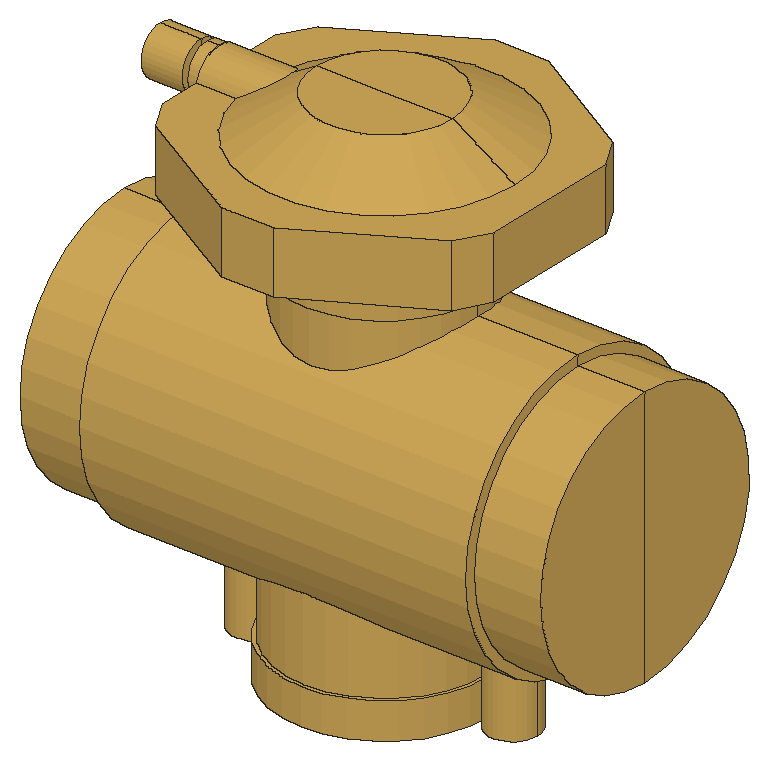
Revit family "Differenzdruckregler 4002 FIX 23kPa", category Rohrzubehör, Revit 2019
Family settings
  Bemaßung runder Anschluss = Durchmesser verwenden
  Teiletyp = Unterbricht
  OmniClass-Nummer = 23.65.55.14
  OmniClass-Titel = Valves for Liquid Services
  Arbeitsebenenbasiert = Nein
  Immer vertikal = Ja
  Beim Laden mit Abzugskörper schneiden = Nein
  Gemeinsam genutzt = Nein
Parameters (values of type "Ohne Dämmung")
  y2 [instance] = K14 + K9 + H01  # 72.649 mm
  y1 [instance] = (R03 * 2) + R05  # 140.000 mm
  Min. Betriebstemperatur (Frostschutz) = -20 °C  # constant formula
  Max. zulässige Betriebstemperatur bis DN32 = 130 °C  # constant formula
  Max. zulässige Betriebstemperatur DN40 - DN50 = 110 °C  # constant formula
  Max. Differenzdruck am Gehäuse = 400000.0 Pa  # constant formula
  Max. Betriebsdruck = 1600000.0 Pa  # constant formula
  Ventilschaft = "Edelstahl 14301"  # constant formula
  VRL01 [instance] = 30.000 mm  # constant formula
  V12 = 17.000 mm  # constant formula
  V10 = 16.000 mm  # constant formula
  V09 [instance] = 11.000 mm  # constant formula
  V08 [instance] = G01 + 3.000 mm  # 38.000 mm
  V03 [instance] = G01 + 5.000 mm  # 40.000 mm
  V02 [instance] = V01 + 4.500 mm  # 29.500 mm
  V01 [instance] = Nennweite / 2  # 25.000 mm
  URL = "www.herz-armaturen.at"
  SCRNSEQ = "ARM;ARM_TYP=\"DIFR\";2"
  SCRNCODE = "05;03;4"  # constant formula
  S07 = 10.000 mm  # constant formula
  S05 [instance] = S01 - 1.000 mm  # 25.000 mm
  S04 [instance] = S02 - 1.000 mm  # 27.000 mm
  S03 [instance] = size_lookup("4002_FIX_23kPa", "S03", 26.500 mm, Nennweite)  # 37.700 mm
  S02 [instance] = size_lookup("4002_FIX_23kPa", "S02", 19.000 mm, Nennweite)  # 28.000 mm
  S01 [instance] = size_lookup("4002_FIX_23kPa", "S01", 14.850 mm, Nennweite)  # 26.000 mm
  Regleranschlussmutter = "Messing CW614N"  # constant formula
  Regelbereich = "FIX 23kPa"  # constant formula
  R06 [instance] = size_lookup("4002_FIX_23kPa", "R06", 14.500 mm, Nennweite)  # 14.500 mm
  R05 [instance] = size_lookup("4002_FIX_23kPa", "R05", 41.000 mm, Nennweite)  # 104.000 mm
  R04 [instance] = size_lookup("4002_FIX_23kPa", "R04", 12.500 mm, Nennweite)  # 14.500 mm
  R03 [instance] = size_lookup("4002_FIX_23kPa", "R03", 8.000 mm, Nennweite)  # 18.000 mm
  R02 = 14.500 mm  # constant formula
  R01 [instance] = size_lookup("4002_FIX_23kPa", "R01", 11.500 mm, Nennweite)  # 37.600 mm
  Min. Betriebstemperatur (reines Wasser) = 2 °C  # constant formula
  O-Ringe = "EPDM"  # constant formula
  Nennweite [instance] = 50.000 mm
  Membrangehäuse = "Messing CW602N"  # constant formula
  Membrane = "EPDM"  # constant formula
  Medium = "Wasserbeschaffenheit nach ÖNORM H 5195 und VDI 2035\r\nDie Verwendung von Ethylen- und Propylenglykol ist im\r\nMischungsverhältnis 25 - 50 Vol.-% zulässig."
  L07 [instance] = size_lookup("4002_FIX_23kPa", "L07", 33.000 mm, Nennweite)  # 70.000 mm
  L06 = 7.000 mm  # constant formula
  L [instance] = size_lookup("4002_FIX_23kPa", "L", 66.000 mm, Nennweite)  # 140.000 mm
  K9 = 4.000 mm  # constant formula
  K8 = 55.000 mm  # constant formula
  K7 = 8.700 mm  # constant formula
  K6 = 11.700 mm  # constant formula
  K5 = 13.000 mm  # constant formula
  K4 = 12.000 mm  # constant formula
  K3 = 15.000 mm  # constant formula
  K2 = 2.350 mm  # constant formula
  K18 = 89.000 mm  # constant formula
  K17 = 66.700 mm  # constant formula
  K16 = 3.000 mm  # constant formula
  K15 = 26.649 mm  # constant formula
  K14 = 16.649 mm  # constant formula
  K13 = 16.649 mm  # constant formula
  K12 = 10.000 mm  # constant formula
  K11 = 35.000 mm  # constant formula
  K10 = 18.250 mm  # constant formula
  K1.1 = 2.350 mm  # constant formula
  K1 = 7.651 mm - 1.000 mm  # 6.651 mm
  J9 = 15.700 mm  # constant formula
  J8 = 7.850 mm  # constant formula
  J7 = 15.897 mm  # constant formula
  J6 = 3.900 mm  # constant formula
  J5 = 6.500 mm  # constant formula
  J4 = 1.500 mm  # constant formula
  J3 = 3.200 mm  # constant formula
  J2 = 11.000 mm  # constant formula
  J11 = 3.500 mm  # constant formula
  J10 = 18.897 mm  # constant formula
  J1 = 6.500 mm  # constant formula
  Hersteller = "HERZ-Armaturen Ges.m.b.H"  # constant formula
  H2 [instance] = size_lookup("4002_FIX_23kPa", "H2", 28.000 mm, Nennweite)  # 58.000 mm
  H1 [instance] = K1 + K2 + K3 + K4 + K5 + K7 + K8 + K16 + 16.650 mm  # 132.351 mm
  H04 = 4.000 mm  # constant formula
  H03 = 9.800 mm  # constant formula
  H02 [instance] = size_lookup("4002_FIX_23kPa", "H02", 53.000 mm, Nennweite)  # 107.000 mm
  H01 [instance] = size_lookup("4002_FIX_23kPa", "H01", 25.000 mm, Nennweite)  # 52.000 mm
  Gehäuse = "DZR Messing CC770S"  # constant formula
  G01 [instance] = size_lookup("4002_FIX_23kPa", "G01", 13.220 mm, Nennweite)  # 35.000 mm
  Hinweise zum Material = "Gemäß Art 33 der REACH-Verordnung (EG Nr. 1907/2006) sind wir verpflichtet, darauf hinzuweisen,\r\ndass der Stoff Blei auf der SVHC-Liste geführt wird und dass alle aus Messing bestehenden Bauteile,\r\ndie in unseren Erzeugnissen verarbeitet sind, mehr als 0,1 % (w/w) Blei (CAS: 7439-92-1 / EINECS:\r\n231-100-4) enthalten. Da Blei als Legierungsbestandteil fest gebunden ist, sind keine Expositionen zu\r\nerwarten und daher sind keine zusätzlichen Angaben zur sicheren Verwendung notwendig.\r\n\r\nIm Hanf enthaltenes Ammoniak schädigt\r\nMessingventilgehäuse, EPDM Dichtungen werden durch\r\nMineralöle bzw. mineralölhaltige Schmierstoffe aufgequollen\r\nund führen somit zum Ausfall der EPDM-Dichtungen. Für\r\nFrost- und Korrosionsschutzmittel auf der Basis von Ethylen- und Propylenglykol sind die entsprechenden\r\nAngaben den Unterlagen des Herstellers zu entnehmen."
  Dämmung = no
  Dämmschale = "EPP (expandiertes Polypropylen)"  # constant formula
  Druckfeder = "Federstahl, rost-und säurebeständig"  # constant formula
  DN50 [instance] = Nennweite = 50.000 mm  # yes
  DN40 [instance] = Nennweite = 40.000 mm  # no
  DN32-40 [instance] = or(Nennweite = 32.000 mm, Nennweite = 40.000 mm)  # no
  DN32 [instance] = Nennweite = 32.000 mm  # no
  DN25 [instance] = Nennweite = 25.000 mm  # no
  DN20 [instance] = Nennweite = 20.000 mm  # no
  DN15-25 [instance] = or(Nennweite = 15.000 mm, Nennweite = 20.000 mm, Nennweite = 25.000 mm)  # no
  DN15,20,25,32,50 [instance] = or(Nennweite = 15.000 mm, Nennweite = 20.000 mm, Nennweite = 25.000 mm, Nennweite = 32.000 mm, Nennweite = 50.000 mm)  # yes
  DN15 [instance] = Nennweite = 15.000 mm  # no
  D07 [instance] = if(Nennweite = 15.000 mm, 32.000 mm, if(Nennweite = 20.000 mm, 33.000 mm, if(Nennweite = 25.000 mm, 33.000 mm, if(Nennweite = 32.000 mm, 49.000 mm, if(Nennweite = 40.000 mm, 57.560 mm, if(Nennweite = 50.000 mm, 57.560 mm, 0.000 mm))))))  # 57.560 mm
  D06 [instance] = if(Nennweite = 15.000 mm, 32.000 mm, if(Nennweite = 20.000 mm, 33.000 mm, if(Nennweite = 25.000 mm, 33.000 mm, if(Nennweite = 32.000 mm, 49.000 mm, if(Nennweite = 40.000 mm, 57.560 mm, if(Nennweite = 50.000 mm, 57.560 mm, 0.000 mm))))))  # 57.560 mm
  D05 [instance] = if(Nennweite = 15.000 mm, 36.750 mm, if(Nennweite = 20.000 mm, 40.700 mm, if(Nennweite = 25.000 mm, 49.200 mm, if(Nennweite = 32.000 mm, 54.150 mm, if(Nennweite = 40.000 mm, 60.750 mm, if(Nennweite = 50.000 mm, 72.700 mm, 0.000 mm))))))  # 72.700 mm
  D04 [instance] = if(Nennweite = 15.000 mm, 78.500 mm, if(Nennweite = 20.000 mm, 82.000 mm, if(Nennweite = 25.000 mm, 84.000 mm, if(Nennweite = 32.000 mm, 120.000 mm, if(Nennweite = 40.000 mm, 130.000 mm, if(Nennweite = 50.000 mm, 130.500 mm, 0.000 mm))))))  # 130.500 mm
  D03 [instance] = if(Nennweite = 15.000 mm, 96.000 mm, if(Nennweite = 20.000 mm, 110.000 mm, if(Nennweite = 25.000 mm, 112.000 mm, if(Nennweite = 32.000 mm, 152.000 mm, if(Nennweite = 40.000 mm, 170.000 mm, if(Nennweite = 50.000 mm, 179.000 mm, 0.000 mm))))))  # 179.000 mm
  D02 [instance] = size_lookup("4002_FIX_23kPa", "R05", 41.000 mm, Nennweite)  # 104.000 mm
  D01 [instance] = size_lookup("4002_FIX_23kPa", "G01", 13.220 mm, Nennweite)  # 35.000 mm
  Bestellnummer Dämmung [instance] = if(and(Dämmung, Nennweite = 15.000 mm), 1409611, if(and(Dämmung, Nennweite = 20.000 mm), 1409612, if(and(Dämmung, Nennweite = 25.000 mm), 1409613, if(and(Dämmung, Nennweite = 32.000 mm), 1409614, if(and(Dämmung, Nennweite = 40.000 mm), 1409615, if(and(Dämmung, Nennweite = 50.000 mm), 1409616, 0))))))  # 0
  Bestellnummer [instance] = size_lookup("4002_FIX_23kPa", "Artnr", 0, Nennweite)  # 1400226
  B2 [instance] = size_lookup("4002_FIX_23kPa", "B2", 31.000 mm, Nennweite)  # 41.000 mm
  B1 [instance] = size_lookup("4002_FIX_23kPa", "B1", 26.000 mm, Nennweite)  # 41.000 mm
  B04 = 100.649 mm  # constant formula
  B03 = 44.500 mm  # constant formula
  B02 = 104.688 mm  # constant formula
  B01 = 10.000 mm  # constant formula
  Anwendungsgebiet = "Der Differenzdruckregler ist ein Regler mit linearer Kennlinie in Geradsitzausführung und arbeitet ohne Hilfsenergie. Der Differenzdruck-Sollwert beträgt 23 kPa, 50 kPa bzw 13 kPa. Im Lieferumfang enthalten ist die Impulsleitung (1000 mm), diese ist mit einem Strangregulierventil im Vorlauf zu verbinden."
  Anschlussnippel = "Messing CW602N"  # constant formula
Types (2, lengths in mm): name | y2 | y1 | V08 | V03 | V02 | V01 | S05 | S04 | S03 | S02 | S01 | R05 | R03 | R01 | Nennweite | L07 | L | H2 | H02 | H01 | G01 | Dämmung | DN50 | DN25 | DN15-25 | D07 | D06 | D05 | D04 | D03 | D02 | D01 | Bestellnummer Dämmung | Bestellnummer | B2 | B1
  Ohne Dämmung | 72.649 | 140.000 | 38.000 | 40.000 | 29.500 | 25.000 | 25.000 | 27.000 | 37.700 | 28.000 | 26.000 | 104.000 | 18.000 | 37.600 | 50.000 | 70.000 | 140.000 | 58.000 | 107.000 | 52.000 | 35.000 | no | yes | no | no | 57.560 | 57.560 | 72.700 | 130.500 | 179.000 | 104.000 | 35.000 | 0 | 1400226 | 41.000 | 41.000
  Mit Dämmung | 46.649 | 76.000 | 23.600 | 25.600 | 17.000 | 12.500 | 13.850 | 18.000 | 29.000 | 19.000 | 14.850 | 58.200 | 8.900 | 14.800 | 25.000 | 38.000 | 76.000 | 29.000 | 54.500 | 26.000 | 20.600 | yes | no | yes | yes | 33.000 | 33.000 | 49.200 | 84.000 | 112.000 | 58.200 | 20.600 | 1409613 | 1400223 | 33.000 | 28.000
Reference planes
  plane 1 "Mitte (Vorne/hinten)": y = 0
  plane 2: z = 0
  plane 3 "Mitte (Links/rechts)": x = 0
Forms (mm)
  Revolve 1, solid, material "Messing, weicher Gelbton, geschweißt", detail levels fine
    sketch origin (0, 0, 0) x (1, 0, 0) y (0, 0, 1)
      loop
        line (-70, 0) -> (70, 0) -> (70, 35) -> (52, 35) -> (52, 37.6) -> (-52, 37.6) -> (-52, 35) -> (-70, 35) -> (-70, 0)
      axis (-70, 0) -> (70, 0)
    angle from 0 to 360
  Revolve 2, solid, material "Messing, weicher Gelbton, geschweißt", detail levels fine
    sketch origin (0, 0, 0) x (1, 0, 0) y (0, 0, 1)
      loop
        line (0, -58) -> (0, 0) -> (-27, 0) -> (-27, -48.2) -> (-28, -48.2) -> (-28, -58) -> (0, -58)
      axis (0, 0) -> (0, -58)
    angle from 0 to 360
  Extrusion 3, solid, material "Messing, weicher Gelbton, geschweißt", detail levels fine
    sketch origin (0, 0, 0) x (0, -1, 0) y (1, 0, 0)
      loop
        line (-46, -7.038) -> (-27.114, -39.75) -> (-18.886, -44.5) -> (18.886, -44.5) -> (27.114, -39.75) -> (46, -7.038) -> (46, 7.038) -> (27.114, 39.75) -> (18.886, 44.5) -> (-18.886, 44.5) -> (-27.114, 39.75) -> (-46, 7.038) -> (-46, -7.038)
    from 56 to 72.649
  Revolve 4, solid, material "Messing, weicher Gelbton, geschweißt", detail levels fine
    sketch origin (0, 0, -7.051) x (1, 0, 0) y (0, 0, 1)
      loop
        line (0, 79.7) -> (0, 89.7) -> (-18.25, 89.7) -> (-35, 79.7) -> (0, 79.7)
      axis (0, 89.7) -> (0, 79.7)
    angle from 0 to 360
  Revolve 5, solid, material "Messing, weicher Gelbton, geschweißt", visible <- "DN15-25", detail levels fine
    sketch origin (-11, 0, 0) x (1, 0, 0) y (0, 1, 0)
      loop
        line (-3.5, 41) -> (-11.2, 41) -> (-11.2, 0) -> (-3.5, 0) -> (-3.5, 41)
      axis (-3.5, 0) -> (-3.5, 41)
    angle from 0 to 360
  Revolve 6, solid, material "Messing, weicher Gelbton, geschweißt", detail levels fine
    sketch origin (-0.988, 0, -6.853) x (-1, 0, 0) y (0, 0, 1)
      loop
        line (43.5, 78.75) -> (59.2, 78.75) -> (59.2, 85.25) -> (48.2, 85.25) -> (48.2, 82.65) -> (46.7, 82.65) -> (46.7, 85.25) -> (43.5, 85.25) -> (43.5, 78.75)
      axis (43.5, 78.75) -> (59.2, 78.75)
    angle from 0 to 360
  Extrusion 7, solid, material "Messing, weicher Gelbton, geschweißt", detail levels fine
    sketch origin (0, 0, 0) x (0, 1, 0) y (0, 0, -1)
      loop
        line (7.85, -70.547) -> (7.85, -59.5) -> (-7.85, -59.5) -> (-7.85, -70.547)
        arc (-7.85, -70.547) -> (0, -78.397) -> (7.85, -70.547) r 7.85
    from 0 to 44.5
  Revolve 8, solid, material "Messing, weicher Gelbton, geschweißt", visible <- "DN15-25", detail levels fine
    sketch origin (-2, 0, 0) x (1, 0, 0) y (0, 1, 0)
      loop
        line (-12.5, 0) -> (-21.5, 0) -> (-21.5, -41) -> (-12.5, -41) -> (-12.5, 0)
      axis (-12.5, 0) -> (-12.5, -41)
    angle from 0 to 360
  Revolve 9, solid, material "Messing, weicher Gelbton, geschweißt", visible <- "DN15-25", detail levels fine
    sketch origin (2, 0, 0) x (1, 0, 0) y (0, 1, 0)
      loop
        line (12.5, 0) -> (12.5, -41) -> (21.6, -41) -> (21.6, 0) -> (12.5, 0)
      axis (12.5, 0) -> (12.5, -41)
    angle from 0 to 360
  Extrusion 10, solid, material "Messing, weicher Gelbton, geschweißt", visible <- "DN32", detail levels fine
    sketch origin (-31.5, 0, 0) x (1, 0, 0) y (0, 1, 0)
      loop
        circle (63, 0) r 6.578
      loop
        circle (63, 0) r 3.28
    from -47 to 0
  Extrusion 11, solid, material "Messing, weicher Gelbton, geschweißt", visible <- "DN32", detail levels fine
    sketch origin (31.5, 0, 0) x (-1, 0, 0) y (0, -1, 0)
      loop
        circle (63, 0) r 6.578
      loop
        circle (63, 0) r 3.28
    from -47 to 0
  Revolve 12, solid, material "Messing, weicher Gelbton, geschweißt", detail levels fine
    sketch origin (0, 0, 0) x (1, 0, 0) y (0, 0, 1)
      loop
        line (-25, 0) -> (0, 0) -> (0, 56) -> (-21, 56) -> (-21, 52) -> (-26, 52) -> (-26, 42.2) -> (-25, 42.2) -> (-25, 0)
      axis (0, 56) -> (0, 0)
    angle from 0 to 360
  Extrusion 13, solid, material "Messing, weicher Gelbton, geschweißt", visible <- "DN40", detail levels fine
    sketch origin (29.382, 0, 0) x (-1, 0, 0) y (0, -1, 0)
      loop
        circle (63, 0) r 6.578
      loop
        circle (63, 0) r 3.28
    from -58 to 0
  Extrusion 14, solid, material "Messing, weicher Gelbton, geschweißt", visible <- "DN40", detail levels fine
    sketch origin (-29.455, 0, 0) x (1, 0, 0) y (0, 1, 0)
      loop
        circle (63, 0) r 6.578
      loop
        circle (63, 0) r 3.28
    from -58 to 0
  Extrusion 15, solid, material "Messing, weicher Gelbton, geschweißt", visible <- "DN50", detail levels fine
    sketch origin (28.422, 0, 0) x (-1, 0, 0) y (0, -1, 0)
      loop
        circle (63, 0) r 6.578
      loop
        circle (63, 0) r 3.28
    from -58 to 0
  Extrusion 16, solid, material "Messing, weicher Gelbton, geschweißt", visible <- "DN50", detail levels fine
    sketch origin (-28.422, 0, 0) x (1, 0, 0) y (0, 1, 0)
      loop
        circle (63, 0) r 6.578
      loop
        circle (63, 0) r 3.28
    from -58 to 0
  Revolve 17, solid, material "Messing, weicher Gelbton, geschweißt", visible <- "DN32-40", detail levels fine
    sketch origin (-11, 0, 0) x (1, 0, 0) y (0, 1, 0)
      loop
        line (-3.5, -41) -> (-3.5, 0) -> (-11.2, 0) -> (-11.2, -41) -> (-3.5, -41)
      axis (-3.5, 0) -> (-3.5, -41)
    angle from 0 to 360
  Revolve 18, solid, material "Messing, weicher Gelbton, geschweißt", not visible, detail levels fine
    sketch origin (10.652, 0, 0) x (-1, 0, 0) y (0, 0, 1)
      loop
        line (80.652, 0) -> (110.652, 0) -> (110.652, 25) -> (93.652, 25) -> (93.652, 29.5) -> (84.652, 29.5) -> (84.652, 40) -> (77.652, 40) -> (77.652, 38) -> (62.652, 38) -> (62.652, 35) -> (80.652, 35) -> (80.652, 0)
      axis (62.652, 0) -> (110.652, 0)
    angle from 0 to 360
  Revolve 19, solid, material "Messing, weicher Gelbton, geschweißt", not visible, detail levels fine
    sketch origin (-9.448, 0, 0) x (1, 0, 0) y (0, 0, 1)
      loop
        line (79.448, 0) -> (109.448, 0) -> (109.448, 25) -> (92.448, 25) -> (92.448, 29.5) -> (83.448, 29.5) -> (83.448, 40) -> (76.448, 40) -> (76.448, 38) -> (61.448, 38) -> (61.448, 35) -> (79.448, 35) -> (79.448, 0)
      axis (61.448, 0) -> (109.448, 0)
    angle from 0 to 360
  Revolve 20, solid, material "Kunststoff-Anthrazit/Schwarz", visible <- "Dämmung", detail levels fine
    sketch origin (0, 0, 0) x (1, 0, 0) y (0, 0, 1)
      loop
        line (89.5, 57.56) -> (-89.5, 57.56) -> (-89.5, 35) -> (-52, 35) -> (-52, 0) -> (0, 0) -> (52, 0) -> (52, 35) -> (89.5, 35) -> (89.5, 57.56)
      axis (-89.5, 0) -> (89.5, 0)
    angle from 0 to 360
  Revolve 21, solid, material "Kunststoff-Anthrazit/Schwarz", visible <- "Dämmung", detail levels fine
    sketch origin (0, 0, 0) x (1, 0, 0) y (0, 0, 1)
      loop
        line (0, 57.56) -> (0, -72.94) -> (72.7, -72.94) -> (72.7, 57.56) -> (0, 57.56)
      axis (0, 57.56) -> (0, -72.94)
    angle from 0 to 360
  Extrusion 22, void
    sketch origin (-405.452, -82.5, 0) x (1, 0, 0) y (0, 1, 0)
      loop
        line (266.511, 0) -> (550.452, 0) -> (550.452, 165) -> (266.511, 165) -> (266.511, 0)
    from 56 to 72.649
  Extrusion 23, void
    sketch origin (-405.452, -82.5, 0) x (1, 0, 0) y (0, 1, 0)
      loop
        line (287.952, 0) -> (522.952, 0) -> (522.952, 165) -> (287.952, 165) -> (287.952, 0)
    from 56 to 72.649
Cuts and joins
  Extrusion 22 cuts Revolve 20
  Extrusion 23 cuts Revolve 21
Lines and regions (mm)
  model lines, detail levels coarse+medium
    curve 1: line (70, -35, 0) -> (70, 35, 0)
    curve 2: line (70, 35, 0) -> (-70, -35, 0)
    curve 3: line (-70, -35, 0) -> (-70, 35, 0)
    curve 4: line (-70, 35, 0) -> (70, -35, 0)
    curve 5: line (0, -42, 0) -> (0, -56, 0)
    curve 6: spline (-44.5, -64.324, 0) -> (-42.984, -62.17, 0) -> (-38.538, -60.162, 0) -> (-31.466, -58.438, 0) -> (-22.25, -57.115, 0) -> (-11.517, -56.284, 0) -> (0, -56, 0) -> (11.517, -56.284, 0) -> (22.25, -57.115, 0) -> (31.466, -58.438, 0) -> (38.538, -60.162, 0) -> (42.984, -62.17, 0) -> (44.5, -64.325, 0) -> (42.984, -66.479, 0) -> (38.538, -68.487, 0) -> (31.466, -70.211, 0) -> (22.25, -71.534, 0) -> (11.517, -72.365, 0) -> (0, -72.649, 0) -> (-11.517, -72.365, 0) -> (-22.25, -71.534, 0) -> (-31.466, -70.211, 0) -> (-38.538, -68.487, 0) -> (-42.984, -66.479, 0) -> (-44.5, -64.324, 0)
    curve 7: line (-70, 0, 35) -> (-70, 0, -35)
    curve 8: line (-70, 0, -35) -> (70, 0, 35)
    curve 9: line (70, 0, 35) -> (70, 0, -35)
    curve 10: line (70, 0, -35) -> (-70, 0, 35)
    curve 11: line (0, 0, 35) -> (0, 0, 56)
    curve 12: spline (-44.5, 0, 64.325) -> (-42.984, 0, 66.479) -> (-38.538, 0, 68.487) -> (-31.466, 0, 70.211) -> (-22.25, 0, 71.534) -> (-11.517, 0, 72.365) -> (0, 0, 72.649) -> (11.517, 0, 72.365) -> (22.25, 0, 71.534) -> (31.466, 0, 70.211) -> (38.538, 0, 68.487) -> (42.984, 0, 66.479) -> (44.5, 0, 64.324) -> (42.984, 0, 62.17) -> (38.538, 0, 60.162) -> (31.466, 0, 58.438) -> (22.25, 0, 57.115) -> (11.517, 0, 56.284) -> (0, 0, 56) -> (-11.517, 0, 56.284) -> (-22.25, 0, 57.115) -> (-31.466, 0, 58.438) -> (-38.538, 0, 60.162) -> (-42.984, 0, 62.17) -> (-44.5, 0, 64.325)
    curve 13: line (0, 0, 35) -> (35, 0, 17.5)
    curve 14: line (0, 0, 35) -> (-35, 0, 17.5)
    curve 15: line (70, 0, 0) -> (100, 0, 0)
    curve 16: line (-70, 0, 0) -> (-100, 0, 0)
    curve 17: line (0, -42, 0) -> (-18.2, -9.1, 0)
    curve 18: line (0, -42, 0) -> (18.2, -9.1, 0)
    curve 19: line (70, 0, 35) -> (70, 0, -35)
    curve 20: line (70, 0, 35) -> (80, 0, 35)
    curve 21: line (80, 0, 35) -> (70, 0, 0)
    curve 22: line (80, 0, -35) -> (70, 0, 0)
    curve 23: line (70, 0, -35) -> (80, 0, -35)
    curve 24: line (-70, 0, 35) -> (-70, 0, -35)
    curve 25: line (-70, 0, 35) -> (-80, 0, 35)
    curve 26: line (-80, 0, 35) -> (-70, 0, 0)
    curve 27: line (-80, 0, -35) -> (-70, 0, 0)
    curve 28: line (-70, 0, -35) -> (-80, 0, -35)
    curve 29: line (-70, 35, 0) -> (-80, 35, 0)
    curve 30: line (-80, 35, 0) -> (-70, 0, 0)
    curve 31: line (-70, -35, 0) -> (-80, -35, 0)
    curve 32: line (-80, -35, 0) -> (-70, 0, 0)
    curve 33: line (70, -35, 0) -> (70, 35, 0)
    curve 34: line (70, 35, 0) -> (80, 35, 0)
    curve 35: line (80, 35, 0) -> (70, 0, 0)
    curve 36: line (70, -35, 0) -> (80, -35, 0)
    curve 37: line (80, -35, 0) -> (70, 0, 0)
Dimensions and locks
  "G01": Revolve 1 sketch curve to Revolve 1 sketch curve  (x2)
  "R01": Revolve 1 sketch curve to Revolve 1 sketch curve
  "R03": Revolve 1 sketch curve to Revolve 1 sketch curve  (x2)
  "K10": Revolve 4 sketch curve to Revolve 4 sketch curve
  "K11": Revolve 4 sketch curve to Revolve 4 sketch curve
  "B1": Revolve 5 sketch curve to Revolve 5 sketch curve
  "J1": Revolve 6 sketch curve to Revolve 6 sketch curve
  "J3": Revolve 6 sketch curve to Revolve 6 sketch curve
  "J4": Revolve 6 sketch curve to Revolve 6 sketch curve
  "J2": Revolve 6 sketch curve to Revolve 6 sketch curve
  "J5": Revolve 6 sketch curve to Revolve 6 sketch curve
  "J6": Revolve 6 sketch curve to Revolve 6 sketch curve
  "H2": plane 2 to Revolve 2 sketch curve
  "H03": Revolve 2 sketch curve to Revolve 2 sketch curve
  "S02": plane 3 "Mitte (Links/rechts)" to Revolve 2 sketch curve
  "B02": Revolve 6 to Extrusion 3
  "B03": Extrusion 3 to plane 3 "Mitte (Links/rechts)"
  "R04": Revolve 5 sketch curve to plane 3 "Mitte (Links/rechts)"
  "K12": Revolve 4 sketch curve to Revolve 4 sketch curve
  "K13": Revolve 4 sketch curve to Extrusion 3
  "K14": Extrusion 3 to Extrusion 3
  "R05": Revolve 1 sketch curve to Revolve 1 sketch curve
  plane 3 "Mitte (Links/rechts)" to Revolve 1 sketch curve = 70.000 mm
  Revolve 1 sketch curve to plane 3 "Mitte (Links/rechts)" = 70.000 mm
  equal spacing: Revolve 1 sketch curve, plane 3 "Mitte (Links/rechts)", Revolve 1 sketch curve
  "B2": plane 1 "Mitte (Vorne/hinten)" to Revolve 8 sketch curve
  "B2": Revolve 9 sketch curve to plane 1 "Mitte (Vorne/hinten)"
  "R06": Revolve 8 sketch curve to plane 3 "Mitte (Links/rechts)"
  "R06": plane 3 "Mitte (Links/rechts)" to Revolve 9 sketch curve
  "S01": Revolve 12 sketch curve to plane 3 "Mitte (Links/rechts)"
  "S05": plane 3 "Mitte (Links/rechts)" to Revolve 12 sketch curve
  "H04": Revolve 12 sketch curve to Revolve 12 sketch curve
  "H03": Revolve 12 sketch curve to Revolve 12 sketch curve
  "H01": Revolve 12 sketch curve to plane 2
  "K9": Extrusion 3 to Revolve 12
  Revolve 2 sketch curve to Revolve 2 sketch curve = 1.000 mm
  "J7": Revolve 6 sketch curve to Extrusion 3
  "J9": Extrusion 7 sketch curve to Extrusion 7 sketch curve
  "J10": Revolve 6 to Extrusion 7 sketch curve
  "J11": Extrusion 7 sketch curve to Extrusion 3
  equal spacing: curve 7, curve 6, curve 9
  "K18": Extrusion 3 to Extrusion 3
  equal spacing: curve 7, curve 14, curve 14
  equal spacing: curve 14, curve 13, curve 9
  "G01": curve 10 to plane 2
  "G01": plane 2 to curve 8
  "G01": curve 9 to plane 2
  "G01": plane 2 to curve 10
  "K18": curve 12 to curve 12
  "y1": curve 7 to curve 9
  "G01": curve 14 to plane 2
  "K14": curve 12 to curve 12
  "y2": curve 12 to plane 2
  "G01": plane 1 "Mitte (Vorne/hinten)" to curve 4
  "G01": curve 3 to plane 1 "Mitte (Vorne/hinten)"
  equal spacing: curve 3, curve 12, curve 1
  equal spacing: curve 3, curve 18, curve 1
  "y1": curve 3 to curve 1
  "G01": plane 1 "Mitte (Vorne/hinten)" to curve 2
  "G01": curve 4 to plane 1 "Mitte (Vorne/hinten)"
  "K18": curve 6 to curve 6
  "K14": curve 6 to curve 6
  "y2": curve 6 to plane 1 "Mitte (Vorne/hinten)"
  "B1": Revolve 17 sketch curve to Revolve 17 sketch curve
  "R04": Revolve 17 sketch curve to plane 3 "Mitte (Links/rechts)"
  "R03": Revolve 18 sketch curve to Revolve 18 sketch curve
  "V10": Revolve 18 sketch curve to Revolve 18 sketch curve
  "V12": Revolve 18 sketch curve to Revolve 18 sketch curve
  "VRL01": Revolve 18 sketch curve to Revolve 18 sketch curve
  "V02": Revolve 18 sketch curve to plane 2
  "V01": Revolve 18 sketch curve to plane 2
  "G01": Revolve 18 sketch curve to plane 2
  "V08": Revolve 18 sketch curve to plane 2
  "V03": Revolve 18 sketch curve to plane 2
  "R03": Revolve 19 sketch curve to Revolve 19 sketch curve
  "V10": Revolve 19 sketch curve to Revolve 19 sketch curve
  "V12": Revolve 19 sketch curve to Revolve 19 sketch curve
  "VRL01": Revolve 19 sketch curve to Revolve 19 sketch curve
  "V01": Revolve 19 sketch curve to plane 2
  "V02": Revolve 19 sketch curve to plane 2
  "G01": Revolve 19 sketch curve to plane 2
  "V08": Revolve 19 sketch curve to plane 2
  "V03": Revolve 19 sketch curve to plane 2
  "L07": Revolve 18 to plane 3 "Mitte (Links/rechts)"
  "L07": plane 3 "Mitte (Links/rechts)" to Revolve 19
  "S07": curve 28 to Revolve 18
  "S07": curve 26 to Revolve 18
  "S07": Revolve 19 to curve 21
  "S07": Revolve 19 to curve 23
  "G01": plane 2 to curve 28
  "G01": curve 25 to plane 2
  "G01": curve 20 to plane 2
  "G01": plane 2 to curve 23
  "S07": curve 30 to curve 3
  "S07": curve 32 to curve 3
  "S07": curve 33 to curve 35
  "S07": curve 33 to curve 37
  "D07": Revolve 20 sketch curve to plane 2
  "D01": Revolve 20 sketch curve to plane 2  (x2)
  "D02": Revolve 20 sketch curve to Revolve 20 sketch curve
  "D03": Revolve 20 sketch curve to Revolve 20 sketch curve
  equal spacing: Revolve 20 sketch curve, plane 3 "Mitte (Links/rechts)", Revolve 20 sketch curve  (x2)
  "D04": Revolve 21 sketch curve to Revolve 21 sketch curve
  "D05": Revolve 21 sketch curve to Revolve 21 sketch curve
  "D06": Revolve 21 sketch curve to plane 2
  "K14": Extrusion 22 to Extrusion 22
  "K14": Extrusion 22 to Extrusion 3
  "K14": Extrusion 23 to Extrusion 23
  "K14": Extrusion 23 to Extrusion 3
  "J8": radius of Extrusion 7 sketch curve
  aligned and locked: level to plane 2
Automatic sketch dimensions
  plane 3 "Mitte (Links/rechts)" to Extrusion 3 sketch curve = 7.038 mm  (x2)
  Extrusion 3 sketch curve to plane 1 "Mitte (Vorne/hinten)" = 46.000 mm
  Extrusion 3 sketch curve to plane 1 "Mitte (Vorne/hinten)" = 27.114 mm  (x2)
  Extrusion 3 sketch curve to Extrusion 3 sketch curve = 8.227 mm  (x4)
  plane 1 "Mitte (Vorne/hinten)" to Extrusion 3 sketch curve = 18.886 mm  (x2)
  Extrusion 3 sketch curve to Extrusion 3 sketch curve = 18.886 mm
  Extrusion 3 sketch curve to plane 3 "Mitte (Links/rechts)" = 7.038 mm  (x2)
  Extrusion 3 sketch curve to Extrusion 3 sketch curve = 32.712 mm  (x4)
  Extrusion 3 sketch curve to Extrusion 3 sketch curve = 4.750 mm  (x2)
  Extrusion 10 sketch curve to Extrusion 10 sketch curve = 0.000 mm  (x2)
  plane 1 "Mitte (Vorne/hinten)" to Extrusion 10 sketch curve = 0.000 mm
  plane 3 "Mitte (Links/rechts)" to Extrusion 10 sketch curve = 31.500 mm
  Extrusion 11 sketch curve to Extrusion 11 sketch curve = 0.000 mm  (x2)
  plane 1 "Mitte (Vorne/hinten)" to Extrusion 11 sketch curve = 0.000 mm
  plane 3 "Mitte (Links/rechts)" to Extrusion 11 sketch curve = 31.500 mm
  Extrusion 13 sketch curve to Extrusion 13 sketch curve = 0.000 mm  (x2)
  plane 1 "Mitte (Vorne/hinten)" to Extrusion 13 sketch curve = 0.000 mm
  plane 3 "Mitte (Links/rechts)" to Extrusion 13 sketch curve = 33.618 mm
  Extrusion 14 sketch curve to Extrusion 14 sketch curve = 0.000 mm  (x2)
  plane 1 "Mitte (Vorne/hinten)" to Extrusion 14 sketch curve = 0.000 mm
  plane 3 "Mitte (Links/rechts)" to Extrusion 14 sketch curve = 33.545 mm
  Extrusion 15 sketch curve to Extrusion 15 sketch curve = 0.000 mm  (x2)
  plane 1 "Mitte (Vorne/hinten)" to Extrusion 15 sketch curve = 0.000 mm
  plane 3 "Mitte (Links/rechts)" to Extrusion 15 sketch curve = 34.578 mm
  Extrusion 16 sketch curve to Extrusion 16 sketch curve = 0.000 mm  (x2)
  plane 1 "Mitte (Vorne/hinten)" to Extrusion 16 sketch curve = 0.000 mm
  plane 3 "Mitte (Links/rechts)" to Extrusion 16 sketch curve = 34.578 mm
  Extrusion 22 sketch curve to plane 1 "Mitte (Vorne/hinten)" = 82.500 mm
  Extrusion 22 sketch curve to plane 3 "Mitte (Links/rechts)" = 138.941 mm
  Extrusion 22 sketch curve to Extrusion 22 sketch curve = 283.941 mm
  plane 1 "Mitte (Vorne/hinten)" to Extrusion 22 sketch curve = 82.500 mm
  Extrusion 23 sketch curve to plane 1 "Mitte (Vorne/hinten)" = 82.500 mm
  Extrusion 23 sketch curve to plane 3 "Mitte (Links/rechts)" = 117.500 mm
  Extrusion 23 sketch curve to Extrusion 23 sketch curve = 235.000 mm
  plane 1 "Mitte (Vorne/hinten)" to Extrusion 23 sketch curve = 82.500 mm
  curve 16 to level = 0.000 mm
  curve 11 to plane 3 "Mitte (Links/rechts)" = 0.000 mm
  curve 12 to plane 3 "Mitte (Links/rechts)" = 0.000 mm
  curve 15 to level = 0.000 mm
  curve 16 to curve 16 = 30.000 mm
  curve 15 to curve 15 = 30.000 mm
  plane 1 "Mitte (Vorne/hinten)" to curve 30 = 0.000 mm
  plane 1 "Mitte (Vorne/hinten)" to curve 32 = 0.000 mm
  curve 18 to plane 3 "Mitte (Links/rechts)" = 0.000 mm
  curve 6 to plane 3 "Mitte (Links/rechts)" = 0.000 mm
  plane 1 "Mitte (Vorne/hinten)" to curve 37 = 0.000 mm
  plane 1 "Mitte (Vorne/hinten)" to curve 35 = 0.000 mm
  curve 5 to curve 5 = 14.000 mm
  plane 1 "Mitte (Vorne/hinten)" to curve 17 = 9.100 mm
  plane 1 "Mitte (Vorne/hinten)" to curve 18 = 9.100 mm
  Revolve 1 sketch curve to level = 0.000 mm  (x2)
  Revolve 1 sketch curve to Revolve 1 sketch curve = 1473.530 mm
  Revolve 1 sketch curve to Revolve 1 sketch curve = 1806.148 mm
  Revolve 2 sketch curve to level = 0.000 mm
  Revolve 2 sketch curve to plane 3 "Mitte (Links/rechts)" = 0.000 mm  (x2)
  Revolve 2 sketch curve to Revolve 2 sketch curve = 1.000 mm
  Revolve 2 sketch curve to Revolve 2 sketch curve = 334.045 mm
  level to Revolve 2 sketch curve = 2218.015 mm
  Revolve 4 sketch curve to plane 3 "Mitte (Links/rechts)" = 0.000 mm  (x2)
  Revolve 4 sketch curve to level = 373.096 mm
  Revolve 4 sketch curve to Revolve 4 sketch curve = 2155.315 mm
  plane 1 "Mitte (Vorne/hinten)" to Revolve 5 sketch curve = 0.000 mm  (x2)
  Revolve 5 sketch curve to Revolve 5 sketch curve = 0.000 mm  (x2)
  Revolve 5 sketch curve to Revolve 5 sketch curve = 7.700 mm
  plane 3 "Mitte (Links/rechts)" to Revolve 6 sketch curve = 44.488 mm
  Revolve 6 sketch curve to Revolve 6 sketch curve = 0.000 mm  (x3)
  Extrusion 7 sketch curve to plane 1 "Mitte (Vorne/hinten)" = 0.000 mm
  Extrusion 7 sketch curve to Extrusion 7 sketch curve = 11.047 mm
  Extrusion 7 sketch curve to Extrusion 7 sketch curve = 0.000 mm
  plane 1 "Mitte (Vorne/hinten)" to Revolve 8 sketch curve = 0.000 mm  (x2)
  Revolve 8 sketch curve to Revolve 8 sketch curve = 9.000 mm
  Revolve 8 sketch curve to Revolve 8 sketch curve = 0.000 mm  (x2)
  plane 1 "Mitte (Vorne/hinten)" to Revolve 9 sketch curve = 0.000 mm  (x2)
  Revolve 9 sketch curve to Revolve 9 sketch curve = 9.100 mm
  Revolve 9 sketch curve to Revolve 9 sketch curve = 0.000 mm  (x2)
  Revolve 12 sketch curve to level = 0.000 mm  (x2)
  Revolve 12 sketch curve to plane 3 "Mitte (Links/rechts)" = 0.000 mm  (x2)
  Revolve 12 sketch curve to Revolve 12 sketch curve = 5.000 mm
  Revolve 12 sketch curve to Revolve 12 sketch curve = 0.000 mm
  plane 1 "Mitte (Vorne/hinten)" to Revolve 17 sketch curve = 0.000 mm  (x2)
  Revolve 17 sketch curve to Revolve 17 sketch curve = 7.700 mm
  Revolve 17 sketch curve to Revolve 17 sketch curve = 0.000 mm  (x2)
  Revolve 18 sketch curve to level = 0.000 mm  (x2)
  plane 3 "Mitte (Links/rechts)" to Revolve 18 sketch curve = 52.000 mm
  Revolve 18 sketch curve to Revolve 18 sketch curve = 4.000 mm
  Revolve 18 sketch curve to Revolve 18 sketch curve = 0.000 mm  (x2)
  Revolve 19 sketch curve to level = 0.000 mm  (x2)
  plane 3 "Mitte (Links/rechts)" to Revolve 19 sketch curve = 52.000 mm
  Revolve 19 sketch curve to Revolve 19 sketch curve = 4.000 mm
  Revolve 19 sketch curve to Revolve 19 sketch curve = 0.000 mm  (x2)
  curve 26 to level = 0.000 mm
  curve 27 to level = 0.000 mm
  curve 22 to level = 0.000 mm
  curve 21 to level = 0.000 mm
  curve 27 to curve 28 = 10.000 mm
  curve 19 to curve 20 = 10.000 mm
  Revolve 20 sketch curve to level = 0.000 mm  (x2)
  Revolve 20 sketch curve to plane 3 "Mitte (Links/rechts)" = 0.000 mm
  Revolve 20 sketch curve to Revolve 20 sketch curve = 0.000 mm  (x2)
  Revolve 21 sketch curve to plane 3 "Mitte (Links/rechts)" = 0.000 mm  (x2)
  Revolve 21 sketch curve to Revolve 21 sketch curve = 0.000 mm  (x2)
  radius of Extrusion 10 sketch curve = 6.578 mm
  radius of Extrusion 10 sketch curve = 3.280 mm
  radius of Extrusion 11 sketch curve = 6.578 mm
  radius of Extrusion 11 sketch curve = 3.280 mm
  radius of Extrusion 13 sketch curve = 6.578 mm
  radius of Extrusion 13 sketch curve = 3.280 mm
  radius of Extrusion 14 sketch curve = 6.578 mm
  radius of Extrusion 14 sketch curve = 3.280 mm
  radius of Extrusion 15 sketch curve = 6.578 mm
  radius of Extrusion 15 sketch curve = 3.280 mm
  radius of Extrusion 16 sketch curve = 6.578 mm
  radius of Extrusion 16 sketch curve = 3.280 mm
Nested families
  nested 1: "Herz-Logo-vorne" at (-0.018, 17.815, -12.904) x (0, -1, 0) z (0, 0, 1), type "Herz-Logo-vorne", detail levels fine
  nested 2: "Herz-Logo-vorne" at (-0.018, 29.612, 0) x (0, -1, 0) z (0, 0, 1), visible <- "DN32", type "Herz-Logo-vorne", detail levels fine
  nested 3: "Herz-Logo-vorne" at (-0.018, 38.665, 0) x (0, -1, 0) z (0, 0, 1), visible <- "DN40", type "Herz-Logo-vorne", detail levels fine
  nested 4: "Herz-Logo-vorne" at (-0.018, 37.548, 0) x (0, -1, 0) z (0, 0, 1), visible <- "DN50", type "Herz-Logo-vorne", detail levels fine
Connectors
  piping at (-70, 0, 0), diameter 50, driven by "Nennweite"
    settings: on Revolve 1, index 1, connector inside diameter 609.6 mm, connector length 0.000 mm, flow factor 0, pipe flow 0.0 L/s, pressure drop 0.0 Pa, fitting loss kfactor 0, connector angle 0.00°, fixture units 0, engagement length 0.000 mm, angle of deflection 0.00°, flow configuration 0, flow direction 1, fitting loss method 0, system type 7, joint type 0, gender type 0, connector reference index -1, connector utility 0, adjustable connector no, is connector primary yes, connector description ""
  piping at (70, 0, 0), diameter 50, driven by "Nennweite"
    settings: on Revolve 1, index 2, connector inside diameter 609.6 mm, connector length 0.000 mm, flow factor 0, pipe flow 0.0 L/s, pressure drop 0.0 Pa, fitting loss kfactor 0, connector angle 0.00°, fixture units 0, engagement length 0.000 mm, angle of deflection 0.00°, flow configuration 0, flow direction 2, fitting loss method 0, system type 29, joint type 0, gender type 0, connector reference index -1, connector utility 0, adjustable connector no, is connector primary no, connector description ""
Definition of nested family "Herz-Logo-vorne"
  Reference planes
    plane 1 "Mitte (Vorne/hinten)": y = 0
    plane 2: z = 0
    plane 3 "Mitte (Links/rechts)": x = 0
  Forms (mm)
    Extrusion 1, solid
      sketch origin (0.732, -0.018, 0.017) x (0, -1, 0) y (0, 0, 1)
        loop
          line (-0.018, -4.517) -> (4.482, -4.517) -> (4.482, 4.483) -> (-4.518, 4.483) -> (-4.518, -4.517) -> (-0.018, -4.517)
        loop
          line (-0.05, -3.48) -> (3.482, -3.48) -> (3.482, 3.483) -> (-3.518, 3.483) -> (-3.518, -3.48) -> (-0.05, -3.48)
        loop
          arc (-0.018, 2.383) -> (-1.543, 3.287) -> (-3.067, 2.383) r 1.738
          arc (-3.067, 2.383) -> (-3.191, 1.899) -> (-3.067, 1.415) r 1.009
          line (-3.067, 1.415) -> (-0.018, -3.281) -> (3.032, 1.415)
          arc (3.032, 1.415) -> (3.156, 1.899) -> (3.032, 2.383) r 1.009
          arc (3.032, 2.383) -> (1.507, 3.287) -> (-0.018, 2.383) r 1.738
        loop
          arc (1.885, 1.272) -> (2.005, 1.675) -> (1.885, 2.079) r 0.74
          arc (1.885, 2.079) -> (1.265, 2.416) -> (0.644, 2.079) r 0.74
          line (0.644, 2.079) -> (-0.018, 0.97) -> (-0.679, 2.079)
          arc (-0.679, 2.079) -> (-1.3, 2.416) -> (-1.921, 2.079) r 0.74
          arc (-1.921, 2.079) -> (-2.04, 1.675) -> (-1.921, 1.272) r 0.74
          line (-1.921, 1.272) -> (-0.018, -1.658) -> (1.885, 1.272)
      from 0 to 1.5
  Dimensions and locks
    aligned and locked: level to plane 2
